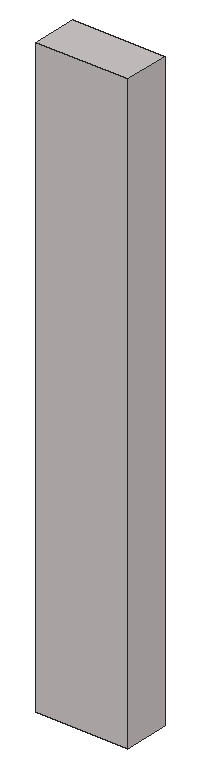
Revit family
Parameters (values of type "460 x 230 mm")
  Depth = 230 mm
  Width = 460 mm
  Column Material = RCC
Reference planes
  plane 1 "Center (Front/Back)": y = 0
  plane 2: z = 0
  plane 3 "Center (Left/Right)": x = 0
  plane 4 "Left": x = -230
  plane 5 "Right": x = 230
  plane 6 "Back": y = 115
  plane 7 "Front": y = -115
Forms (mm)
  Extrusion 1, solid, material "RCC" <- "Column Material"
    sketch origin (0, 0, 0) x (1, 0, 0) y (0, 1, 0)
      loop
        line (-230, 115) -> (-230, -115) -> (230, -115) -> (230, 115) -> (-230, 115)
    from 0 to 3000
Lines and regions (mm)
  symbolic lines
    curve 1: line (-230, 115, 0) -> (230, 115, 0)
    curve 2: line (-230, -115, 0) -> (-230, 115, 0)
    curve 3: line (230, -115, 0) -> (-230, -115, 0)
    curve 4: line (230, 115, 0) -> (230, -115, 0)
Dimensions and locks
  equal spacing: plane 4 "Left", plane 3 "Center (Left/Right)", plane 5 "Right"
  equal spacing: plane 7 "Front", plane 1 "Center (Front/Back)", plane 6 "Back"
  "Width": plane 4 "Left" to plane 5 "Right"
  "Depth": plane 7 "Front" to plane 6 "Back"
  aligned and locked: plane 4 "Left" to Extrusion 1 sketch curve
  aligned and locked: plane 6 "Back" to Extrusion 1 sketch curve
  aligned and locked: plane 7 "Front" to Extrusion 1 sketch curve
  aligned and locked: plane 5 "Right" to Extrusion 1 sketch curve
  aligned and locked: level to Extrusion 1
  aligned and locked: curve 1 to Extrusion 1  (x2)
  aligned and locked: Extrusion 1 to curve 4
  aligned and locked: curve 4 to Extrusion 1
